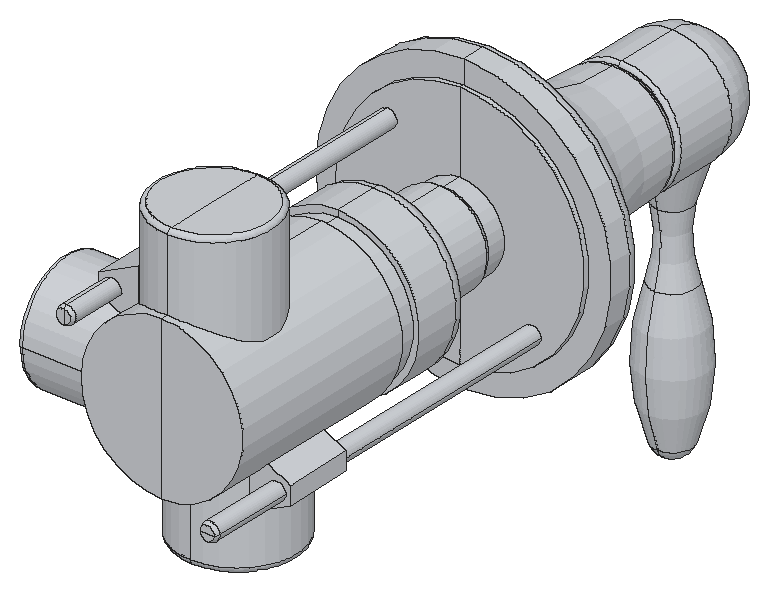
Revit family "S-1183 W", category Plumbing Equipment, host Wall, Revit 2023
Family settings
  Host = Wall
  Round Connector Dimension = Use Diameter
  Classification = None
  Part Type = Normal
  Always vertical = Yes
  Cut with Voids When Loaded = No
  Maintain Annotation Orientation = No
  Shared = No
  Room Calculation Point = No
Parameters
  Material = Steel
  Default Elevation = 0' - 0"
Reference planes (in)
  plane 1: y = 0
  plane 2 "Center (Left/Right)": x = 0
  plane 3 "Wall Edge": y = 3
Lines and regions (in)
  symbolic lines, not visible
    curve 1: line (0, 0.35767, -1.45972) -> (0, 0.35767, -2.45972)
    curve 2: line (0, 3, -2.45972) -> (0, -0.65528, -2.45972)
    curve 3: line (0, 0.35767, -2.45972) -> (0, 0.35767, -2.70972)
    curve 4: line (0, 0.35767, -2.45972) -> (0, 0.18089, -2.6365)
    curve 5: line (0, 0.35767, -2.45972) -> (0, 0.53445, -2.28294)
    curve 6: line (0, 3, -2.45972) -> (0, 2.82322, -2.6365)
    curve 7: line (0, 3, -2.45972) -> (0, 3.17678, -2.28294)
    curve 8: line (0, 0.10767, 1.45972) -> (0, 0.10767, 2.45972)
    curve 9: line (0, 0.10767, 1.45972) -> (0, -0.01733, 1.67623)
    curve 10: line (0, 0.10767, 1.45972) -> (0, 0.23267, 1.67623)
    curve 11: line (0, 0.60767, -1.45972) -> (0, 0.60767, -3.70972)
    curve 12: line (0, 0.60767, -1.45972) -> (0, 0.48267, -1.67623)
    curve 13: line (0, 0.60767, -1.45972) -> (0, 0.73267, -1.67623)
    curve 14: line (-1.39847, 3, 0.33102) -> (-3.14847, 3, 0.33102)
    curve 15: line (-1.39847, 3, 0.33102) -> (-1.61498, 3, 0.45602)
    curve 16: line (-1.39847, 3, 0.33102) -> (-1.61498, 3, 0.20602)
    curve 17: line (0, 3, -1.375) -> (0, 3, -2.45972)
    curve 18: line (0, 3, -2.45972) -> (0, 3, -2.70972)
Text (in)
  text "Placement Side" at (-70.3804, 28.46503, 0), in view "Ref. Level"
  text "2.5\"-3.5\"" at (0, -2.89873, -2.13977), in view "Left"
  text "½ NPT INLET" at (0, -1.65463, -3.76232), in view "Left"
  text "½ NPT OUTLET" at (0, -1.83039, 3.22085), in view "Left"
  text "½ NPT OUTLET" at (-3.45758, 0, 0.64593), in view "Front"
  text "2.5\"-3.5\"" at (0, -0.83886, -2.12419), in view "Right"
  text "½ NPT INLET" at (0, 1.66309, -3.74675), in view "Right"
  text "½ NPT OUTLET" at (0, 1.83885, 3.23643), in view "Right"
Dimensions and locks (in)
  locked: plane 3 "Wall Edge" to host wall
  nested 1 to nested 1 = 0' - 2 3/4"  (x2)
  nested 1 to nested 1 = 0' - 2.98"  (x2)
  nested 1 to nested 1 = 0' - 2.92287"
  nested 1 to nested 1 = 0' - 2.77347"
  nested 1 to nested 1 = 0' - 4.45815"
Nested families (in)
  nested 1: "S-1183" at (0, 3, 0) x (-1, 0, 0) z (0, 1, 0), type "S-1183"
Definition of nested family "S-1183"
  Parameters (values of type "S-1183")
    Material = none
    Default Elevation = 4' - 0"
  Reference planes (in)
    plane 1 "Center (Front/Back)": y = 0
    plane 2: z = 0
    plane 3 "Center (Left/Right)": x = 0
    plane 4: y = 1.46315
    plane 5: y = -1.45972
    plane 6: x = 1.39847
    plane 7: y = -2.995
    plane 8: z = 2.98
  Forms (in)
    Extrusion 1, solid
      sketch origin (0, 0, 0) x (1, 0, 0) y (0, 1, 0)
        loop
          line (-48, 48) -> (-48, -48) -> (48, -48) -> (48, 48) -> (-48, 48)
      from 0 to -12
    Revolve 2, solid, material <- "Material"
      sketch origin (0, 0, 0) x (0, 1, 0) y (0, 0, 1)
        loop
          line (0, -3.51051) -> (0.75045, -3.51051) -> (0.75045, -1.65905) -> (0.69947, -1.65905) -> (0.69947, -1.46787) -> (0.76225, -1.46787) -> (0.76225, -1.0438)
          arc (0.76225, -1.0438) -> (0.71904, -0.93948) -> (0.61472, -0.89627) r 0.14753
          line (0.61472, -0.89627) -> (0.36849, -0.89627)
          arc (0.36849, -0.89627) -> (0.30604, -0.8704) -> (0.28017, -0.80795) r 0.08833
          line (0.28017, -0.80795) -> (0.28017, -0.74336) -> (0.4141, -0.74336)
          arc (0.4141, -0.74336) -> (0.43386, -0.73518) -> (0.44204, -0.71542) r 0.02794
          line (0.44204, -0.71542) -> (0.44204, -0.28378) -> (0.41496, -0.23687) -> (0.40824, -0.04443) -> (1.15824, -0.04443) -> (1.15824, 0) -> (1.375, 0) -> (1.375, 0.22137)
          arc (1.375, 0.22137) -> (1.33855, 0.30938) -> (1.25054, 0.34584) r 0.12446
          line (1.25054, 0.34584) -> (1.20584, 0.34584)
          arc (1.20584, 0.34584) -> (1.12515, 0.3623) -> (1.05736, 0.40907) r 0.20592
          arc (1.05736, 0.40907) -> (0.67062, 1.0209) -> (0.55531, 1.73547) r 1.80525
          arc (0.55531, 1.73547) -> (0.54448, 1.76411) -> (0.51633, 1.77612) r 0.03901
          line (0.51633, 1.77612) -> (0, 1.77612) -> (0, -3.51051)
        axis (0, -3.51051) -> (0, 1.77612)
      angle from 0 to 360
    Revolve 3, solid, material <- "Material"
      sketch origin (0, 0, 0) x (0, 1, 0) y (0, 0, 1)
        loop
          line (0, 1.68495) -> (0.4798, 1.68495) -> (0.4798, 1.80376) -> (0.52032, 1.80376)
          arc (0.52032, 1.80376) -> (0.54452, 1.81378) -> (0.55454, 1.83797) r 0.03422
          line (0.55454, 1.83797) -> (0.55454, 2.42546)
          arc (0.55454, 2.42546) -> (0.39212, 2.81758) -> (0, 2.98) r 0.55454
          line (0, 2.98) -> (0, 1.68495)
        axis (0, 2.98) -> (0, 1.68495)
      angle from 0 to 360
    Revolve 4, solid, material <- "Material"
      sketch origin (0, 0, 0) x (0, 1, 0) y (0, 0, 1)
        loop
          arc (-1.53818, 2.2217) -> (-1.20684, 2.2857) -> (-0.87063, 2.25668) r 1.22268
          arc (-0.87063, 2.25668) -> (-0.64225, 2.19263) -> (-0.42122, 2.10658) r 2.42549
          line (-0.42122, 2.10658) -> (-0.42122, 2.42619) -> (-2.99587, 2.42619)
          arc (-2.99587, 2.42619) -> (-2.96282, 2.31933) -> (-2.87523, 2.24977) r 0.18932
          arc (-2.87523, 2.24977) -> (-2.20918, 2.11745) -> (-1.53818, 2.2217) r 1.94882
        axis (-2.99587, 2.42619) -> (-0.42122, 2.42619)
      angle from 0 to 360
    Revolve 5, solid, material <- "Material"
      sketch origin (0, 0, 0) x (0, 1, 0) y (0, 0, 1)
        loop
          line (1.46315, -2.90284) -> (1.46315, -2.4034)
          arc (1.46315, -2.4034) -> (1.45065, -2.37322) -> (1.42047, -2.36072) r 0.04267
          line (1.42047, -2.36072) -> (0.30146, -2.36072) -> (0.30146, -2.90284) -> (1.46315, -2.90284)
        axis (1.46315, -2.90284) -> (0.30146, -2.90284)
      angle from 0 to 360
    Revolve 6, solid, material <- "Material"
      sketch origin (0, 0, 0) x (0, 1, 0) y (0, 0, 1)
        loop
          line (-1.45972, -2.62875) -> (-0.10953, -2.62875) -> (-0.10953, -2.07956) -> (-1.40458, -2.07956)
          arc (-1.40458, -2.07956) -> (-1.44357, -2.09571) -> (-1.45972, -2.1347) r 0.05514
          line (-1.45972, -2.1347) -> (-1.45972, -2.62875)
        axis (-1.45972, -2.62875) -> (-0.10953, -2.62875)
      angle from 0 to 360
    Revolve 7, solid, material <- "Material"
      sketch origin (-0.04688, -0.67341, 0) x (1, 0, 0) y (0, 0, 1)
        loop
          line (-0.6175, 0.03305) -> (-0.70115, 0.03305) -> (-0.70115, -3.77713) -> (-0.68359, -3.81477) -> (-0.6175, -3.81477) -> (-0.6175, 0.03305)
        axis (-0.6175, 0.03305) -> (-0.6175, -3.81477)
      angle from 0 to 360
    Revolve 8, solid, material <- "Material"
      sketch origin (0.67341, 0.04688, 0) x (0, -1, 0) y (0, 0, -1)
        loop
          line (-0.6175, -0.03305) -> (-0.6175, 3.81477) -> (-0.68359, 3.81477) -> (-0.70115, 3.77713) -> (-0.70115, -0.03305) -> (-0.6175, -0.03305)
        axis (-0.6175, -0.03305) -> (-0.6175, 3.81477)
      angle from 0 to 360
    Extrusion 9, solid, material <- "Material"
      sketch origin (0, 0, 0) x (1, 0, 0) y (0, 1, 0)
        loop
          line (0.79292, 0.74802) -> (0.4161, 0.93181) -> (0.4161, 0.39694) -> (0.79292, 0.58072) -> (0.79292, 0.74802)
      from -3.25783 to -2.58051
    Extrusion 10, solid, material <- "Material"
      sketch origin (0, 0, 0) x (-1, 0, 0) y (0, -1, 0)
        loop
          line (0.79292, 0.74802) -> (0.4161, 0.93181) -> (0.4161, 0.39694) -> (0.79292, 0.58072) -> (0.79292, 0.74802)
      from -3.00861 to -2.36018
    Revolve 11, solid, material <- "Material"
      sketch origin (0, 0, 0) x (1, 0, 0) y (0, 0, 1)
        loop
          line (1.39502, -2.90284) -> (1.39502, -2.4034)
          arc (1.39502, -2.4034) -> (1.38252, -2.37322) -> (1.35235, -2.36072) r 0.04267
          line (1.35235, -2.36072) -> (0.30146, -2.36072) -> (0.30146, -2.90284) -> (1.39502, -2.90284)
        axis (1.39502, -2.90284) -> (0.30146, -2.90284)
      angle from 0 to 360
  Cuts and joins
    joined: Revolve 3, Revolve 4
    joined: Revolve 2, Revolve 5, Revolve 6, Revolve 7, Revolve 8, Extrusion 10, Revolve 11
  Dimensions and locks (in)
    aligned and locked: plane 2 to Extrusion 1
    aligned and locked: level to Extrusion 1
